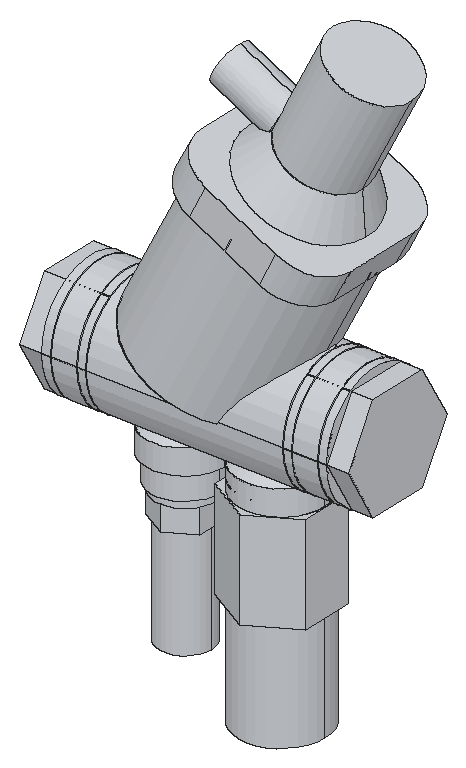
Revit family "PV_Compact_DN015_ 5-30_FF_měř-vyp_RFA_2019", category Pipe Accessories, Revit 2019
Family settings
  Round Connector Dimension = Use Diameter
  Part Type = Valve - Breaks Into
  Work Plane-Based = No
  Always vertical = Yes
  Cut with Voids When Loaded = No
  Shared = No
Parameters (values of type "PV Compact DN15 FF s měřením a vypouštěním ( 5-30kPa)")
  magiProductId = "1e13aaf8f1b54965adca1ab26bd771"
  magiProductFamilyId = "88c57951ecb64b5d83dd1d4eb8fc72"
  magiPartTypeId = 304
  isMeasuringValve [instance] = no
  ang2D [instance] = 0.00°
  Z7 = 15 mm
  Z6 = 24.6 mm
  Z5 = 57.4 mm
  Z4 = 49.2 mm
  Z3 = 8.2 mm
  Z2 = 41 mm
  XR3 = 30 mm
  XR2 = 25 mm
  XR1 = 13 mm
  W2D = 15 mm
  VersionID = "2.0/2018.12.13.2/FRESE_PV_COMPACT_PLUG_Q13_001"
  Use Minimum Symbol Size [instance] = no
  URL = "www.hydronic.cz"
  Type Comments = "závitový s vnitřním závitem; s měřicí vsuvkou a vypouštěním; PN25; dpmax=450kPa; -10~+120°C"
  R5 = 5 mm
  R4 = 15 mm
  R3 = 10 mm
  R2 = 14 mm
  R1 = 19 mm
  QmdConnectorList = "301;D;302;D"
  Productdata [instance] = ""
  PH__ve = -PH  # -22.4 mm
  PH = 22.4 mm
  NL__ve = -NL  # -15 mm
  NL = 15 mm
  Manufacturer = "Hydronic Systems Prague s.r.o."
  MC Use Limits From Balancing Method = no
  MC Throttling Minimum Value = 0
  MC Throttling Maximum Value = 0
  MC Product Code = "53-3242 DN15; FF; nastavitelný rozsah dp=5~30kPa; Q=50~600l/h;  kvs=2,9"
  MC Pressure Drop Minimum Value = 0.0 Pa
  MC Pressure Drop Maximum Value = 0.0 Pa
  MC Piping Given Pressure Drop [instance] = 0.0 Pa
  M5 = 32.5 mm
  M4 = 30.5 mm
  M3 = 24.5 mm
  M2 = 22.5 mm
  LP = 37.5 mm
  LM = 45 mm
  LL__ve = -LL  # -5.7 mm
  LLT__ve = -LLT  # -14.9 mm
  LLT = 14.9 mm
  LL2 = 32 mm
  LL = 5.7 mm
  L3 = 11 mm
  L2D_Min = 30.48 mm
  L2D = 65 mm
  Description = "Nastavitelný regulátor tlakové diference"
  DR1 = yes
  DR0 = no
  DL2 = 66 mm
  D = 15 mm
  CenSd_R2_6 = R2 * cos(30.00°)  # 12.124 mm
  CAT0 = yes
  C0D1 = yes
  C0D0 = no
Types (10, lengths in mm): name | magiProductId | Z6 | Z5 | Z4 | Z3 | Z2 | XR3 | XR2 | XR1 | R2 | R1 | PH__ve | PH | NL__ve | NL | MC Product Code | M5 | M4 | M3 | M2 | LP | LM | LL__ve | LLT__ve | LLT | LL2 | LL | L3 | DL2 | D | CenSd_R2_6
  PV Compact DN15 FF s měřením a vypouštěním (20-60kPa) | "ebd4dd38c61a47e78db1b31e427098" | 24.6 | 57.4 | 49.2 | 8.2 | 41 | 30 | 25 | 13 | 14 | 19 | -22.4 | 22.4 | -15 | 15 | "53-3243 DN15; FF; nastavitelný rozsah dp=20~60kPa; Q=100~1000l/h;  kvs=2,9" | 32.5 | 30.5 | 24.5 | 22.5 | 37.5 | 45 | -5.7 | -14.9 | 14.9 | 32 | 5.7 | 11 | 66 | 15 | 12.124
  PV Compact DN15 FF s měřením a vypouštěním ( 5-30kPa) | "1e13aaf8f1b54965adca1ab26bd771" | 24.6 | 57.4 | 49.2 | 8.2 | 41 | 30 | 25 | 13 | 14 | 19 | -22.4 | 22.4 | -15 | 15 | "53-3242 DN15; FF; nastavitelný rozsah dp=5~30kPa; Q=50~600l/h;  kvs=2,9" | 32.5 | 30.5 | 24.5 | 22.5 | 37.5 | 45 | -5.7 | -14.9 | 14.9 | 32 | 5.7 | 11 | 66 | 15 | 12.124
  PV Compact DN20 FF s měřením a vypouštěním (20-60kPa) | "6d4e29c475624129ae1d8630218e83" | 24.6 | 57.4 | 49.2 | 8.2 | 41 | 30 | 25 | 13 | 14 | 19 | -22.4 | 22.4 | -15.8 | 15.8 | "53-3245 DN20; FF; nastavitelný rozsah dp=20~60kPa; Q=150~2000l/h;  kvs=3,5" | 33.7 | 31.7 | 25.7 | 23.7 | 39.5 | 47.4 | -5.7 | -14.9 | 14.9 | 32 | 5.7 | 11 | 66 | 20 | 12.124
  PV Compact DN20 FF s měřením a vypouštěním ( 5-30kPa) | "3c7d936801344d2a9486b3d5f20c15" | 24.6 | 57.4 | 49.2 | 8.2 | 41 | 30 | 25 | 13 | 14 | 19 | -22.4 | 22.4 | -15.8 | 15.8 | "53-3244 DN20; FF; nastavitelný rozsah dp=5~30kPa; Q=100~1000l/h;  kvs=3,5" | 33.7 | 31.7 | 25.7 | 23.7 | 39.5 | 47.4 | -5.7 | -14.9 | 14.9 | 32 | 5.7 | 11 | 66 | 20 | 12.124
  PV Compact DN25 FF s měřením a vypouštěním ( 5-30kPa) | "40b783a088714ff8af367f7ba18a04" | 25.5 | 59.5 | 51 | 8.5 | 42.5 | 30 | 25 | 13 | 14 | 19 | -22.8 | 22.8 | -16.6 | 16.6 | "53-3251 DN25; FF; nastavitelný rozsah dp=5~30kPa; Q=600~2100l/h;  kvs=4,0" | 34.9 | 32.9 | 26.9 | 24.9 | 41.5 | 49.8 | -5.9 | -16.3 | 16.3 | 34 | 5.9 | 11 | 68 | 25 | 12.124
  PV Compact DN25L FF s měřením a vypouštěním (20-80kPa) | "7052257d0cc94620b8f60c4ac85ccd" | 40.2 | 93.8 | 80.4 | 13.4 | 67 | 42.5 | 37.5 | 25.5 | 26.5 | 31.5 | -23.6 | 23.6 | -20 | 20 | "53-3247 DN25; FF; nastavitelný rozsah dp=20~80kPa; Q=750~4200l/h;  kvs=8,7" | 40 | 38 | 32 | 30 | 50 | 60 | -6.3 | -19.1 | 19.1 | 38 | 6.3 | 11 | 72 | 25 | 22.95
  PV Compact DN25L FF s měřením a vypouštěním ( 5-30kPa) | "006ff7ff77e34fd39e52f3f4c37192" | 40.2 | 93.8 | 80.4 | 13.4 | 67 | 42.5 | 37.5 | 25.5 | 26.5 | 31.5 | -23.6 | 23.6 | -20 | 20 | "53-3246 DN25L; FF; nastavitelný rozsah dp=5~30kPa; Q=600~2500l/h;  kvs=8,7" | 40 | 38 | 32 | 30 | 50 | 60 | -6.3 | -19.1 | 19.1 | 38 | 6.3 | 11 | 72 | 25 | 22.95
  PV Compact DN32 FF s měřením a vypouštěním (20-80kPa) | "e53839f5e58040c69ad69dcf8b7122" | 40.2 | 93.8 | 80.4 | 13.4 | 67 | 42.5 | 37.5 | 25.5 | 26.5 | 31.5 | -24.6 | 24.6 | -20.8 | 20.8 | "53-3248 DN32; FF; nastavitelný rozsah dp=20~80kPa; Q=1000~5000l/h;  kvs=10,1" | 41.2 | 39.2 | 33.2 | 31.2 | 52 | 62.4 | -6.8 | -22.6 | 22.6 | 43 | 6.8 | 25 | 77 | 32 | 22.95
  PV Compact DN40 FF s měřením a vypouštěním (20-80kPa) | "edae53f0ee9843aa9c005a0dbc2db4" | 46.8 | 109.2 | 93.6 | 15.6 | 78 | 42.5 | 37.5 | 25.5 | 26.5 | 31.5 | -25.2 | 25.2 | -27.6 | 27.6 | "53-3249 DN40; FF; nastavitelný rozsah dp=20~80kPa; Q=3000~8000l/h;  kvs=15,8" | 51.4 | 49.4 | 43.4 | 41.4 | 69 | 82.8 | -7.1 | -24.7 | 24.7 | 46 | 7.1 | 25 | 80 | 40 | 22.95
  PV Compact DN50 FF s měřením a vypouštěním (20-80kPa) | "7572286e99104aaeaae4a504f9a6dd" | 46.8 | 109.2 | 93.6 | 15.6 | 78 | 42.5 | 37.5 | 25.5 | 35.25 | 31.5 | -26.4 | 26.4 | -27.6 | 27.6 | "53-3250 DN50; FF; nastavitelný rozsah dp=20~80kPa; Q=5000~11500l/h;  kvs=16,2" | 51.4 | 49.4 | 43.4 | 41.4 | 69 | 82.8 | -7.7 | -28.9 | 28.9 | 52 | 7.7 | 25 | 86 | 50 | 30.527
Reference planes
  plane 1 "Center (Front/Back)": y = 0
  plane 2 "XYPLANE": z = 0
  plane 3 "Center (Left/Right)": x = 0
  plane 4 "408": x = 37.5
  plane 5 "407": x = -37.5
  plane 6 "402": z = -66
  plane 7 "213": x = 11
  plane 8 "168": z = -10.9
  plane 9 "167": z = -12.9
  plane 10 "166": z = -18.6
  plane 11 "165": z = -24.3
  plane 12 "164": z = -26.3
  plane 13 "154": z = 0
  plane 14 "152": y = 0
  plane 15 "151": z = -32
  plane 16 "150": x = -11
  plane 17 "75": through (318.218, 0, 679.605) normal (0.891, 0, -0.454)
  plane 18 "74": x = 32.5
  plane 19 "73": x = 30.5
  plane 20 "72": x = 24.5
  plane 21 "71": x = 22.5
  plane 22 "70": x = -32.5
  plane 23 "69": x = -30.5
  plane 24 "68": x = -24.5
  plane 25 "67": y = 0
  plane 26 "66": through (-666.893, 0, 343.166) normal (0.454, 0, 0.891)
  plane 27 "65": x = -22.5
  plane 28 "64": through (335.147, 0, 670.979) normal (0.891, 0, -0.454)
  plane 29 "63": through (-649.641, 0, 377.024) normal (0.454, 0, 0.891)
  plane 30 "62": through (352.076, 0, 662.353) normal (0.891, 0, -0.454)
  plane 31 "61": y = 19
  plane 32 "60": y = -19
  plane 33 "59": through (-645.919, 0, 384.33) normal (0.454, 0, 0.891)
  plane 34 "58": through (-642.196, 0, 391.637) normal (0.454, 0, 0.891)
  plane 35 "57": through (313.763, 0, 681.875) normal (0.891, 0, -0.454)
  plane 36 "56": x = 0
  plane 37 "55": through (-668.255, 0, 340.493) normal (0.454, 0, 0.891)
  plane 38 "102XY": through (-668.255, 0, 340.493) normal (0.454, 0, 0.891)
  plane 39 "102XZ": y = 0
  plane 40 "102YZ": through (340.493, 0, 668.255) normal (0.891, 0, -0.454)
Forms (mm)
  Extrusion 1, solid
    sketch origin (37.5, -750, 0) x (0, 1, 0) y (0, 0, 1)
      loop
        line (764, 0) -> (757, 12.124) -> (743, 12.124) -> (736, 0) -> (743, -12.124) -> (757, -12.124) -> (764, 0)
    from 0 to -15 <- "NL__ve"
  Extrusion 2, solid
    sketch origin (-37.5, -750, 0) x (0, 1, 0) y (0, 0, 1)
      loop
        line (736, 0) -> (743, -12.124) -> (757, -12.124) -> (764, 0) -> (757, 12.124) -> (743, 12.124) -> (736, 0)
    from 0 to 15 <- "NL"
  Extrusion 3, solid, visible <- "C0D1"
    sketch origin (-750, 0, -66) x (1, 0, 0) y (0, 1, 0)
      loop
        circle (761, 0) r 10
    from 0 to 50
  Extrusion 4, solid, visible <- "DR1"
    sketch origin (-750, 0, -18.6) x (1, 0, 0) y (0, 1, 0)
      loop
        line (761, -12) -> (771.392, -6) -> (771.392, 6) -> (761, 12) -> (750.608, 6) -> (750.608, -6) -> (761, -12)
    from 0 to -22.4 <- "PH__ve"
  Extrusion 5, solid, visible <- "DR1"
    sketch origin (-750, 0, -18.6) x (1, 0, 0) y (0, 1, 0)
      loop
        circle (761, 0) r 10
    from 0 to 5.7 <- "LL"
  Blend 6, solid, visible <- "DR1"
    base sketch origin (-750, 0, -10.9) x (1, 0, 0) y (0, 1, 0)
      loop
        circle (761, 0) r 7.5
    top sketch origin (-750, 0, -10.9) x (1, 0, 0) y (0, 1, 0)
      loop
        circle (761, 0) r 10
    from 0 to -2
  Extrusion 7, solid, visible <- "DR1"
    sketch origin (-750, 0, 0) x (1, 0, 0) y (0, 1, 0)
      loop
        circle (761, 0) r 7.5
    from 0 to -14.9 <- "LLT__ve"
  Extrusion 8, solid, visible <- "C0D0"
    sketch origin (-750, 0, -32) x (1, 0, 0) y (0, 1, 0)
      loop
        circle (761, 0) r 6
    from 0 to -25
  Extrusion 9, solid, visible <- "DR0"
    sketch origin (-750, 0, -26.3) x (1, 0, 0) y (0, 1, 0)
      loop
        line (761, -7) -> (767.062, -3.5) -> (767.062, 3.5) -> (761, 7) -> (754.938, 3.5) -> (754.938, -3.5) -> (761, -7)
    from 0 to -5.7 <- "LL__ve"
  Extrusion 10, solid, visible <- "DR0"
    sketch origin (-750, 0, -26.3) x (1, 0, 0) y (0, 1, 0)
      loop
        circle (761, 0) r 7
    from 0 to 2
  Extrusion 11, solid, visible <- "DR0"
    sketch origin (-750, 0, -18.6) x (1, 0, 0) y (0, 1, 0)
      loop
        circle (761, 0) r 9
    from 0 to 5.7 <- "LL"
  Blend 12, solid, visible <- "DR0"
    base sketch origin (-750, 0, -10.9) x (1, 0, 0) y (0, 1, 0)
      loop
        circle (761, 0) r 6.5
    top sketch origin (-750, 0, -10.9) x (1, 0, 0) y (0, 1, 0)
      loop
        circle (761, 0) r 9
    from 0 to -2
  Extrusion 13, solid, visible <- "DR0"
    sketch origin (-750, 0, 0) x (1, 0, 0) y (0, 1, 0)
      loop
        circle (761, 0) r 6.5
    from 0 to -14.9 <- "LLT__ve"
  Extrusion 14, solid, visible <- "DR0"
    sketch origin (-750, 0, 0) x (1, 0, 0) y (0, 1, 0)
      loop
        circle (761, 0) r 6.5
    from 0 to -14.9 <- "LLT__ve"
  Blend 15, solid, visible <- "DR0"
    base sketch origin (-750, 0, -10.9) x (1, 0, 0) y (0, 1, 0)
      loop
        circle (761, 0) r 6.5
    top sketch origin (-750, 0, -10.9) x (1, 0, 0) y (0, 1, 0)
      loop
        circle (761, 0) r 9
    from 0 to -2
  Extrusion 16, solid, visible <- "DR0"
    sketch origin (-750, 0, -18.6) x (1, 0, 0) y (0, 1, 0)
      loop
        circle (761, 0) r 9
    from 0 to 5.7 <- "LL"
  Extrusion 17, solid, visible <- "DR0"
    sketch origin (-750, 0, -24.3) x (1, 0, 0) y (0, 1, 0)
      loop
        circle (761, 0) r 8
    from 0 to 5.7 <- "LL"
  Extrusion 18, solid, visible <- "DR0"
    sketch origin (-750, 0, -26.3) x (1, 0, 0) y (0, 1, 0)
      loop
        circle (761, 0) r 7
    from 0 to 2
  Extrusion 19, solid, visible <- "DR0"
    sketch origin (-750, 0, -26.3) x (1, 0, 0) y (0, 1, 0)
      loop
        line (761, -7) -> (767.062, -3.5) -> (767.062, 3.5) -> (761, 7) -> (754.938, 3.5) -> (754.938, -3.5) -> (761, -7)
    from 0 to -5.7 <- "LL__ve"
  Extrusion 20, solid, visible <- "C0D0"
    sketch origin (-750, 0, -32) x (1, 0, 0) y (0, 1, 0)
      loop
        circle (761, 0) r 6
    from 0 to -25
  Extrusion 21, solid, visible <- "CAT0"
    sketch origin (-750, 0, -32) x (1, 0, 0) y (0, 1, 0)
      loop
        circle (739, 0) r 6
    from 0 to -25
  Extrusion 22, solid
    sketch origin (-750, 0, -26.3) x (1, 0, 0) y (0, 1, 0)
      loop
        line (739, -7) -> (745.062, -3.5) -> (745.062, 3.5) -> (739, 7) -> (732.938, 3.5) -> (732.938, -3.5) -> (739, -7)
    from 0 to -5.7 <- "LL__ve"
  Extrusion 23, solid
    sketch origin (-750, 0, -26.3) x (1, 0, 0) y (0, 1, 0)
      loop
        circle (739, 0) r 7
    from 0 to 2
  Extrusion 24, solid
    sketch origin (-750, 0, -24.3) x (1, 0, 0) y (0, 1, 0)
      loop
        circle (739, 0) r 8
    from 0 to 5.7 <- "LL"
  Extrusion 25, solid
    sketch origin (-750, 0, -18.6) x (1, 0, 0) y (0, 1, 0)
      loop
        circle (739, 0) r 9
    from 0 to 5.7 <- "LL"
  Blend 26, solid
    base sketch origin (-750, 0, -10.9) x (1, 0, 0) y (0, 1, 0)
      loop
        circle (739, 0) r 6.5
    top sketch origin (-750, 0, -10.9) x (1, 0, 0) y (0, 1, 0)
      loop
        circle (739, 0) r 9
    from 0 to -2
  Extrusion 27, solid
    sketch origin (-750, 0, 0) x (1, 0, 0) y (0, 1, 0)
      loop
        circle (739, 0) r 6.5
    from 0 to -14.9 <- "LLT__ve"
  Blend 28, solid, visible <- "CAT0"
    base sketch origin (30.5, -750, 0) x (0, 1, 0) y (0, 0, 1)
      loop
        circle (750, 0) r 14
    top sketch origin (30.5, -750, 0) x (0, 1, 0) y (0, 0, 1)
      loop
        circle (750, 0) r 14
    from 0 to 2
  Extrusion 29, solid, visible <- "CAT0"
    sketch origin (24.5, -750, 0) x (0, 1, 0) y (0, 0, 1)
      loop
        circle (750, 0) r 14
    from 0 to 6
  Blend 30, solid, visible <- "CAT0"
    base sketch origin (22.5, -750, 0) x (0, 1, 0) y (0, 0, 1)
      loop
        circle (750, 0) r 14
    top sketch origin (22.5, -750, 0) x (0, 1, 0) y (0, 0, 1)
      loop
        circle (750, 0) r 14
    from 0 to 2
  Blend 31, solid, visible <- "CAT0"
    base sketch origin (-30.5, -750, 0) x (0, 1, 0) y (0, 0, 1)
      loop
        circle (750, 0) r 14
    top sketch origin (-30.5, -750, 0) x (0, 1, 0) y (0, 0, 1)
      loop
        circle (750, 0) r 14
    from 0 to -2
  Extrusion 32, solid, visible <- "CAT0"
    sketch origin (-30.5, -750, 0) x (0, 1, 0) y (0, 0, 1)
      loop
        circle (750, 0) r 14
    from 0 to 6
  Blend 33, solid, visible <- "CAT0"
    base sketch origin (-24.5, -750, 0) x (0, 1, 0) y (0, 0, 1)
      loop
        circle (750, 0) r 14
    top sketch origin (-24.5, -750, 0) x (0, 1, 0) y (0, 0, 1)
      loop
        circle (750, 0) r 14
    from 0 to 2
  Extrusion 34, solid, visible <- "CAT0"
    sketch origin (-22.5, -750, 0) x (0, 1, 0) y (0, 0, 1)
      loop
        circle (750, 0) r 14
    from 0 to 45 <- "LM"
  Extrusion 35, solid, visible <- "CAT0"
    sketch origin (-666.893, 0, 343.166) x (0.891007, 0, -0.45399) y (0, 1, 0)
      loop
        circle (744, 0) r 19
    from 0 to 41 <- "Z2"
  Extrusion 36, solid, visible <- "CAT0"
    sketch origin (-649.641, 0, 377.024) x (0.891007, 0, -0.45399) y (0, 1, 0)
      loop
        arc (735, 19) -> (727.929, 16.071) -> (725, 9) r 10
        line (725, 9) -> (725, -9)
        arc (725, -9) -> (727.929, -16.071) -> (735, -19) r 10
        line (735, -19) -> (753, -19)
        arc (753, -19) -> (760.071, -16.071) -> (763, -9) r 10
        line (763, -9) -> (763, 9)
        arc (763, 9) -> (760.071, 16.071) -> (753, 19) r 10
        line (753, 19) -> (735, 19)
    from 0 to 8.2 <- "Z3"
  Blend 37, solid, visible <- "CAT0"
    base sketch origin (-645.919, 0, 384.33) x (0.891007, 0, -0.45399) y (0, 1, 0)
      loop
        circle (744, 0) r 15
    top sketch origin (-645.919, 0, 384.33) x (0.891007, 0, -0.45399) y (0, 1, 0)
      loop
        circle (744, 0) r 10
    from 0 to 8.2
  Extrusion 38, solid, visible <- "CAT0"
    sketch origin (-642.196, 0, 391.637) x (0.891007, 0, -0.45399) y (0, 1, 0)
      loop
        circle (744, 0) r 10
    from 0 to 24.6 <- "Z6"
  Extrusion 39, solid, visible <- "CAT0"
    sketch origin (313.763, 0, 681.875) x (-0.45399, 0, -0.891007) y (0, 1, 0)
      loop
        circle (692.6, 0) r 5
    from 0 to 15 <- "Z7"
  Blend 40, solid, visible <- "CAT0"
    base sketch origin (-668.255, 0, 340.493) x (0.891007, 0, -0.45399) y (0, 1, 0)
      loop
        circle (744, 0) r 15
    top sketch origin (-668.255, 0, 340.493) x (0.891007, 0, -0.45399) y (0, 1, 0)
      loop
        circle (744, 0) r 19
    from 0 to 3
  Extrusion 41, solid, not visible
    sketch origin (-32.5, -750, 0) x (0, 1, 0) y (0, 0, 1)
      loop
        circle (750, 0) r 10
    from 0 to 10
  Extrusion 42, solid, not visible
    sketch origin (32.5, -750, 0) x (0, 1, 0) y (0, 0, 1)
      loop
        circle (750, 0) r 10
    from 0 to -10
Lines and regions (mm)
  reference lines, not visible
    curve 1: circle (2, 2, 0) r 1 normal (0, 0, 1)
  reference lines
    curve 2: line (37.5, 0, 0) -> (37.5, -3.5, 6.062)
    curve 3: line (37.5, 0, 0) -> (37.5, -7, 0)
    curve 4: line (37.5, 0, 0) -> (37.5, -3.5, -6.062)
    curve 5: line (-37.5, 0, 0) -> (-37.5, 3.5, 6.062)
    curve 6: line (-37.5, 0, 0) -> (-37.5, 7, 0)
    curve 7: line (-37.5, 0, 0) -> (-37.5, 3.5, -6.062)
Dimensions and locks
  plane 1 "Center (Front/Back)" to curve 1 = 2 mm
  "LP": plane 36 "56" to plane 4 "408"
  "LP": plane 36 "56" to plane 5 "407"
  "DL2": plane 2 "XYPLANE" to plane 6 "402"
  "L3": plane 3 "Center (Left/Right)" to plane 7 "213"
  locked: plane 9 "167" to plane 8 "168" at 2
  "LL": plane 10 "166" to plane 9 "167"
  "LL": plane 11 "165" to plane 10 "166"
  locked: plane 12 "164" to plane 11 "165" at 2
  "LL": plane 15 "151" to plane 12 "164"
  locked: plane 2 "XYPLANE" to plane 13 "154"
  locked: plane 1 "Center (Front/Back)" to plane 14 "152"
  "LL2": plane 2 "XYPLANE" to plane 15 "151"
  "L3": plane 3 "Center (Left/Right)" to plane 16 "150"
  "XR2": plane 40 "102YZ" to plane 17 "75"
  "M5": plane 3 "Center (Left/Right)" to plane 18 "74"
  "M4": plane 3 "Center (Left/Right)" to plane 19 "73"
  "M3": plane 3 "Center (Left/Right)" to plane 20 "72"
  "M2": plane 3 "Center (Left/Right)" to plane 21 "71"
  "M5": plane 3 "Center (Left/Right)" to plane 22 "70"
  "M4": plane 3 "Center (Left/Right)" to plane 23 "69"
  "M3": plane 3 "Center (Left/Right)" to plane 24 "68"
  locked: plane 14 "152" to plane 25 "67"
  locked: plane 38 "102XY" to plane 26 "66" at 3
  "M2": plane 3 "Center (Left/Right)" to plane 27 "65"
  locked: plane 40 "102YZ" to plane 28 "64" at 6
  "Z2": plane 38 "102XY" to plane 29 "63"
  "XR1": plane 40 "102YZ" to plane 30 "62"
  "R1": plane 14 "152" to plane 31 "61"
  "R1": plane 14 "152" to plane 32 "60"
  "Z4": plane 38 "102XY" to plane 33 "59"
  "Z5": plane 38 "102XY" to plane 34 "58"
  "XR3": plane 40 "102YZ" to plane 35 "57"
  locked: plane 3 "Center (Left/Right)" to plane 36 "56"
  locked: plane 38 "102XY" to plane 37 "55"
  "CenSd_R2_6": curve 2 to Extrusion 1 sketch curve  (x2)
  "CenSd_R2_6": curve 3 to Extrusion 1 sketch curve  (x2)
  "CenSd_R2_6": curve 4 to Extrusion 1 sketch curve  (x2)
  Extrusion 1 sketch curve to Extrusion 1 sketch curve = 0 mm  (x12)
  "CenSd_R2_6": curve 5 to Extrusion 2 sketch curve  (x2)
  "CenSd_R2_6": curve 6 to Extrusion 2 sketch curve  (x2)
  "CenSd_R2_6": curve 7 to Extrusion 2 sketch curve  (x2)
  Extrusion 2 sketch curve to Extrusion 2 sketch curve = 0 mm  (x12)
  Extrusion 4 sketch curve to Extrusion 4 sketch curve = 0 mm  (x12)
  Extrusion 9 sketch curve to Extrusion 9 sketch curve = 0 mm  (x12)
  Extrusion 19 sketch curve to Extrusion 19 sketch curve = 0 mm  (x12)
  Extrusion 22 sketch curve to Extrusion 22 sketch curve = 0 mm  (x12)
  Extrusion 36 sketch curve to Extrusion 36 sketch curve = 0 mm  (x16)
  "R2": radius of Blend 28 sketch curve  (x2)
  "R2": radius of Extrusion 29 sketch curve
  "R2": radius of Blend 30 sketch curve  (x2)
  "R2": radius of Blend 31 sketch curve  (x2)
  "R2": radius of Extrusion 32 sketch curve
  "R2": radius of Blend 33 sketch curve  (x2)
  "R2": radius of Extrusion 34 sketch curve
  "R1": radius of Extrusion 35 sketch curve
  radius of Extrusion 36 sketch curve = 10 mm  (x4)
  "R3": radius of Blend 37 sketch curve
  "R4": radius of Blend 37 sketch curve
  "R3": radius of Extrusion 38 sketch curve
  "R5": radius of Extrusion 39 sketch curve
  "R1": radius of Blend 40 sketch curve
  locked: curve 3 to curve 2 (angle 60.00°)
  locked: curve 4 to curve 3 (angle 60.00°)
  locked: curve 4 to curve 2 (angle 120.00°)
  locked: curve 6 to curve 5 (angle 60.00°)
  locked: curve 7 to curve 6 (angle 60.00°)
  locked: curve 7 to curve 5 (angle 120.00°)
  aligned and locked: level to plane 2 "XYPLANE"
  aligned and locked: plane 13 "154" to curve 4
  aligned and locked: curve 4 to plane 14 "152"
  aligned and locked: plane 13 "154" to curve 7
  aligned and locked: curve 7 to plane 14 "152"
  aligned and locked: plane 7 "213" to Extrusion 3 sketch curve
  aligned and locked: plane 14 "152" to Extrusion 3 sketch curve
  aligned and locked: plane 7 "213" to Extrusion 5 sketch curve
  aligned and locked: plane 14 "152" to Extrusion 5 sketch curve
  aligned and locked: plane 7 "213" to Blend 6 sketch curve  (x2)
  aligned and locked: plane 14 "152" to Blend 6 sketch curve  (x2)
  aligned and locked: Blend 6 to plane 9 "167"
  aligned and locked: plane 7 "213" to Extrusion 7 sketch curve
  aligned and locked: plane 14 "152" to Extrusion 7 sketch curve
  aligned and locked: plane 7 "213" to Extrusion 8 sketch curve
  aligned and locked: plane 14 "152" to Extrusion 8 sketch curve
  aligned and locked: plane 7 "213" to Extrusion 10 sketch curve
  aligned and locked: plane 14 "152" to Extrusion 10 sketch curve
  aligned and locked: plane 7 "213" to Extrusion 11 sketch curve
  aligned and locked: plane 14 "152" to Extrusion 11 sketch curve
  aligned and locked: plane 7 "213" to Blend 12 sketch curve  (x2)
  aligned and locked: plane 14 "152" to Blend 12 sketch curve  (x2)
  aligned and locked: Blend 12 to plane 9 "167"
  aligned and locked: plane 7 "213" to Extrusion 13 sketch curve
  aligned and locked: plane 14 "152" to Extrusion 13 sketch curve
  aligned and locked: plane 7 "213" to Extrusion 14 sketch curve
  aligned and locked: plane 14 "152" to Extrusion 14 sketch curve
  aligned and locked: plane 7 "213" to Blend 15 sketch curve  (x2)
  aligned and locked: plane 14 "152" to Blend 15 sketch curve  (x2)
  aligned and locked: Blend 15 to plane 9 "167"
  aligned and locked: plane 7 "213" to Extrusion 16 sketch curve
  aligned and locked: plane 14 "152" to Extrusion 16 sketch curve
  aligned and locked: plane 7 "213" to Extrusion 17 sketch curve
  aligned and locked: plane 14 "152" to Extrusion 17 sketch curve
  aligned and locked: plane 7 "213" to Extrusion 18 sketch curve
  aligned and locked: plane 14 "152" to Extrusion 18 sketch curve
  aligned and locked: plane 7 "213" to Extrusion 20 sketch curve
  aligned and locked: plane 14 "152" to Extrusion 20 sketch curve
  aligned and locked: plane 14 "152" to Extrusion 21 sketch curve
  aligned and locked: plane 16 "150" to Extrusion 21 sketch curve
  aligned and locked: plane 14 "152" to Extrusion 23 sketch curve
  aligned and locked: plane 16 "150" to Extrusion 23 sketch curve
  aligned and locked: plane 14 "152" to Extrusion 24 sketch curve
  aligned and locked: plane 16 "150" to Extrusion 24 sketch curve
  aligned and locked: plane 14 "152" to Extrusion 25 sketch curve
  aligned and locked: plane 16 "150" to Extrusion 25 sketch curve
  aligned and locked: plane 14 "152" to Blend 26 sketch curve  (x2)
  aligned and locked: plane 16 "150" to Blend 26 sketch curve  (x2)
  aligned and locked: Blend 26 to plane 9 "167"
  aligned and locked: plane 14 "152" to Extrusion 27 sketch curve
  aligned and locked: plane 16 "150" to Extrusion 27 sketch curve
  aligned and locked: plane 13 "154" to Blend 28 sketch curve  (x2)
  aligned and locked: Blend 28 sketch curve to plane 14 "152"  (x2)
  aligned and locked: plane 18 "74" to Blend 28
  aligned and locked: plane 13 "154" to Extrusion 29 sketch curve
  aligned and locked: Extrusion 29 sketch curve to plane 14 "152"
  aligned and locked: plane 13 "154" to Blend 30 sketch curve  (x2)
  aligned and locked: Blend 30 sketch curve to plane 14 "152"  (x2)
  aligned and locked: plane 20 "72" to Blend 30
  aligned and locked: plane 13 "154" to Blend 31 sketch curve  (x2)
  aligned and locked: Blend 31 sketch curve to plane 14 "152"  (x2)
  aligned and locked: Blend 31 to plane 22 "70"
  aligned and locked: plane 13 "154" to Extrusion 32 sketch curve
  aligned and locked: Extrusion 32 sketch curve to plane 14 "152"
  aligned and locked: plane 13 "154" to Blend 33 sketch curve  (x2)
  aligned and locked: Blend 33 sketch curve to plane 14 "152"  (x2)
  aligned and locked: plane 27 "65" to Blend 33
  aligned and locked: plane 13 "154" to Extrusion 34 sketch curve
  aligned and locked: Extrusion 34 sketch curve to plane 14 "152"
  aligned and locked: plane 25 "67" to Extrusion 35 sketch curve
  aligned and locked: Extrusion 35 sketch curve to plane 28 "64"
  aligned and locked: Extrusion 36 sketch curve to plane 17 "75"
  aligned and locked: Extrusion 36 sketch curve to plane 32 "60"
  aligned and locked: Extrusion 36 sketch curve to plane 30 "62"
  aligned and locked: plane 31 "61" to Extrusion 36 sketch curve
  aligned and locked: plane 25 "67" to Blend 37 sketch curve  (x2)
  aligned and locked: Blend 37 sketch curve to plane 28 "64"  (x2)
  aligned and locked: plane 34 "58" to Blend 37
  aligned and locked: plane 25 "67" to Extrusion 38 sketch curve
  aligned and locked: Extrusion 38 sketch curve to plane 28 "64"
  aligned and locked: plane 25 "67" to Extrusion 39 sketch curve
  aligned and locked: plane 34 "58" to Extrusion 39 sketch curve
  aligned and locked: plane 25 "67" to Blend 40 sketch curve  (x2)
  aligned and locked: Blend 40 sketch curve to plane 28 "64"  (x2)
  aligned and locked: plane 26 "66" to Blend 40
  aligned and locked: plane 13 "154" to Extrusion 41 sketch curve
  aligned and locked: Extrusion 41 sketch curve to plane 14 "152"
  aligned and locked: plane 13 "154" to Extrusion 42 sketch curve
  aligned and locked: Extrusion 42 sketch curve to plane 14 "152"
Automatic sketch dimensions
  plane 3 "Center (Left/Right)" to Extrusion 3 sketch curve = 1 mm
  Extrusion 4 sketch curve to plane 7 "213" = 0 mm  (x2)
  plane 3 "Center (Left/Right)" to Extrusion 4 sketch curve = 0.608 mm
  Extrusion 4 sketch curve to plane 21 "71" = 1.108 mm
  plane 32 "60" to Extrusion 4 sketch curve = 7 mm
  plane 1 "Center (Front/Back)" to Extrusion 4 sketch curve = 6 mm  (x2)
  Extrusion 4 sketch curve to plane 1 "Center (Front/Back)" = 6 mm  (x2)
  Extrusion 4 sketch curve to plane 31 "61" = 7 mm
  plane 3 "Center (Left/Right)" to Extrusion 5 sketch curve = 1 mm
  plane 3 "Center (Left/Right)" to Blend 6 sketch curve = 3.5 mm
  plane 3 "Center (Left/Right)" to Blend 6 sketch curve = 1 mm
  plane 3 "Center (Left/Right)" to Extrusion 7 sketch curve = 3.5 mm
  plane 3 "Center (Left/Right)" to Extrusion 8 sketch curve = 5 mm
  Extrusion 9 sketch curve to plane 7 "213" = 0 mm  (x2)
  plane 3 "Center (Left/Right)" to Extrusion 9 sketch curve = 4.938 mm
  Extrusion 9 sketch curve to plane 21 "71" = 5.438 mm
  plane 1 "Center (Front/Back)" to Extrusion 9 sketch curve = 7 mm
  plane 1 "Center (Front/Back)" to Extrusion 9 sketch curve = 3.5 mm  (x2)
  Extrusion 9 sketch curve to plane 1 "Center (Front/Back)" = 3.5 mm  (x2)
  Extrusion 9 sketch curve to Extrusion 9 sketch curve = 3.5 mm
  plane 3 "Center (Left/Right)" to Extrusion 10 sketch curve = 4 mm
  plane 3 "Center (Left/Right)" to Extrusion 11 sketch curve = 2 mm
  plane 3 "Center (Left/Right)" to Blend 12 sketch curve = 4.5 mm
  plane 3 "Center (Left/Right)" to Blend 12 sketch curve = 2 mm
  plane 3 "Center (Left/Right)" to Extrusion 13 sketch curve = 4.5 mm
  plane 3 "Center (Left/Right)" to Extrusion 14 sketch curve = 4.5 mm
  plane 3 "Center (Left/Right)" to Blend 15 sketch curve = 4.5 mm
  plane 3 "Center (Left/Right)" to Blend 15 sketch curve = 2 mm
  plane 3 "Center (Left/Right)" to Extrusion 16 sketch curve = 2 mm
  plane 3 "Center (Left/Right)" to Extrusion 17 sketch curve = 3 mm
  plane 3 "Center (Left/Right)" to Extrusion 18 sketch curve = 4 mm
  Extrusion 19 sketch curve to plane 7 "213" = 0 mm  (x2)
  plane 3 "Center (Left/Right)" to Extrusion 19 sketch curve = 4.938 mm
  Extrusion 19 sketch curve to plane 21 "71" = 5.438 mm
  plane 1 "Center (Front/Back)" to Extrusion 19 sketch curve = 7 mm
  plane 1 "Center (Front/Back)" to Extrusion 19 sketch curve = 3.5 mm  (x2)
  Extrusion 19 sketch curve to plane 1 "Center (Front/Back)" = 3.5 mm  (x2)
  Extrusion 19 sketch curve to Extrusion 19 sketch curve = 3.5 mm
  plane 3 "Center (Left/Right)" to Extrusion 20 sketch curve = 5 mm
  plane 27 "65" to Extrusion 21 sketch curve = 5.5 mm
  Extrusion 22 sketch curve to plane 16 "150" = 0 mm  (x2)
  plane 27 "65" to Extrusion 22 sketch curve = 5.438 mm
  Extrusion 22 sketch curve to plane 3 "Center (Left/Right)" = 4.938 mm
  plane 1 "Center (Front/Back)" to Extrusion 22 sketch curve = 7 mm
  plane 1 "Center (Front/Back)" to Extrusion 22 sketch curve = 3.5 mm  (x2)
  Extrusion 22 sketch curve to plane 1 "Center (Front/Back)" = 3.5 mm  (x2)
  Extrusion 22 sketch curve to Extrusion 22 sketch curve = 3.5 mm
  plane 27 "65" to Extrusion 23 sketch curve = 4.5 mm
  plane 27 "65" to Extrusion 24 sketch curve = 3.5 mm
  plane 27 "65" to Extrusion 25 sketch curve = 2.5 mm
  plane 27 "65" to Blend 26 sketch curve = 5 mm
  plane 27 "65" to Blend 26 sketch curve = 2.5 mm
  plane 27 "65" to Extrusion 27 sketch curve = 5 mm
  plane 17 "75" to Blend 40 sketch curve = 4 mm
  plane 32 "60" to Extrusion 41 sketch curve = 9 mm
  plane 32 "60" to Extrusion 42 sketch curve = 9 mm
  plane 3 "Center (Left/Right)" to curve 1 = 2 mm
  radius of curve 1 = 1 mm
Connectors
  piping at (-32.5, 0, 0), diameter 15, driven by "D"
    settings: on Extrusion 41, index 1, connector inside diameter 609.6 mm, connector length 0 mm, flow factor 0, pipe flow 0.0 L/s, pressure drop 0.0 Pa, fitting loss kfactor 0, connector angle 0.00°, fixture units 0, engagement length 0 mm, angle of deflection 0.00°, flow configuration 0, flow direction 0, fitting loss method 0, system type 29, joint type 0, gender type 0, connector reference index 2, connector utility 0, adjustable connector no, is connector primary yes, connector description ""
  piping at (32.5, 0, 0), diameter 15, driven by "D"
    settings: on Extrusion 42, index 2, connector inside diameter 609.6 mm, connector length 0 mm, flow factor 0, pipe flow 0.0 L/s, pressure drop 0.0 Pa, fitting loss kfactor 0, connector angle 0.00°, fixture units 0, engagement length 0 mm, angle of deflection 0.00°, flow configuration 0, flow direction 0, fitting loss method 0, system type 29, joint type 0, gender type 0, connector reference index 1, connector utility 0, adjustable connector no, is connector primary no, connector description ""
